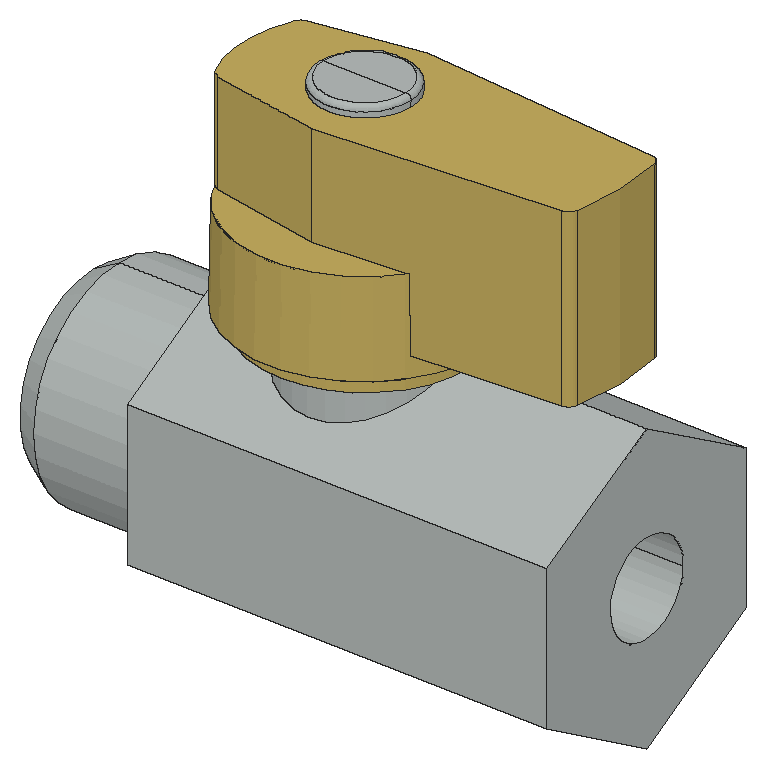
Revit family "QP00030000", category Apparecchi idraulici, Revit 2020
Family settings
  Quota connettore circolare = Usa diametro
  Tipo di parte = Normale
  Numero OmniClass = 23.45.00.00
  Titolo OmniClass = Sanitary, Laundry, and Cleaning Equipment
  Basato su piano di lavoro = No
  Sempre verticale = Sì
  Taglio con vuoti quando caricato = No
  Condiviso = No
  Punto di calcolo locali = No
Parameters
  URL = "https://web.cimberio.com/index.php/figura/838?subcategoria_id=95875"
  Temperatura di esercizio = "-20 ÷ 60°C"
  Prospetto di default = 0 mm
  Produttore = "CIMBERIO SPA"
  Pressione nominale = "MOP 5"
  Modello = "Cim 012G"
  Materiale = "Prodotto in lega di ottone conforme alla norma EN 12165-CW617N-DW"
  Descrizione = "Utilizzato nell’impiantistica distributiva di gas a bassa pressione per le categorie:\r\nGas naturali: gas derivati dal petrolio (Metano) e gas di ricambio.\r\nGas di città: prodotti secondo i diversi procedimenti (Cracking - Cokerie - ecc.).\r\nGas liquidi: propano e miscele di gas propano/butano"
  DN Model [instance] = QP00031015 : QP00031015
  DN [instance] = 9 mm
  Commenti sul tipo = "Realizzato in ottemperanza ai requisiti gestionali della norma EN ISO 9001.\r\nCollaudato al 100% secondo la normativa EN 12266-1"
Reference planes
  plane 1 "Centro (Fronte/Retro)": y = 0
  plane 2: z = 0
  plane 3 "Centro (Sinistra/Destra)": x = 0
Dimensions and locks
  aligned and locked: level to plane 2
Nested families
  nested 1: "QP00031015" at (0, 0, 0), type <- "DN Model", type "QP00031015"
  nested 2: "QP00031015" at (0, 0, 0), type <- "DN Model", type "QP00031015"
  nested 3: "QP00031015" at (0, 0, 0), type <- "DN Model", type "QP00031015"
Connectors
  piping at (25.75, 0, 0), diameter 9, driven by "DN"
    settings: on nested 1, index 1, connector inside diameter 609.6 mm, connector length 0 mm, flow factor 0, pipe flow 0.0 L/s, pressure drop 0.0 Pa, fitting loss kfactor 0, connector angle 0.00°, fixture units 0, engagement length 0 mm, angle of deflection 0.00°, flow configuration 0, flow direction 0, fitting loss method 0, system type 7, joint type 0, gender type 0, connector reference index -1, connector utility 0, adjustable connector no, is connector primary yes, connector description ""
  piping at (-28.25, 0, 0), diameter 9, driven by "DN"
    settings: on nested 1, index 2, connector inside diameter 609.6 mm, connector length 0 mm, flow factor 0, pipe flow 0.0 L/s, pressure drop 0.0 Pa, fitting loss kfactor 0, connector angle 0.00°, fixture units 0, engagement length 0 mm, angle of deflection 0.00°, flow configuration 0, flow direction 0, fitting loss method 0, system type 7, joint type 0, gender type 0, connector reference index -1, connector utility 0, adjustable connector no, is connector primary no, connector description ""
Definition of nested family "QP00031015"
  Parameters (values of type "QP00031015")
    URL = ""
    Default Elevation = 0 mm
    Manufacturer = ""
    Model = ""
    Description = ""
    Type Comments = ""
  Reference planes
    plane 1 "Centro (Fronte/Retro)": y = 0
    plane 2: z = 0
    plane 3 "Centro (Sinistra/Destra)": x = 0
  Forms (mm)
    Extrusion 1, solid
      sketch origin (0, 0, 0) x (0, 1, 0) y (0, 0, 1)
        loop
          circle (0, 0) r 4.5
        loop
          line (0, -14) -> (12.124, -7) -> (12.124, 7) -> (0, 14) -> (-12.124, 7) -> (-12.124, -7) -> (0, -14)
      from -15.25 to 25.75
    Revolve 2, solid
      sketch origin (-1.014, 0, 1.406) x (1, 0, 0) y (0, 0, 1)
        loop
          line (11.146, 13.716) -> (10.988, 22.789) -> (-0.448, 22.789) -> (-0.448, 11.85) -> (9.552, 11.85) -> (9.552, 12.795) -> (11.146, 13.716)
        axis (-0.754, 11.85) -> (-0.754, 22.789)
      angle from 0 to 360
    Revolve 3, solid
      sketch origin (-1.007, 0, 1.446) x (1, 0, 0) y (0, 0, 1)
        loop
          arc (3.746, 33.15) -> (3.6, 33.504) -> (3.246, 33.65) r 0.5
          line (3.246, 33.65) -> (-0.754, 33.65) -> (-0.754, 31.443) -> (3.746, 31.443) -> (3.746, 33.15)
        axis (-0.754, 33.65) -> (-0.754, 31.443)
      angle from 0 to 360
    Extrusion 4, solid
      sketch origin (0, 0, 1.45) x (1, 0, 0) y (0, 1, 0)
        loop
          line (-1.549, 7.359) -> (-11.81, 5.415)
          arc (-11.81, 5.415) -> (-12.325, 5.117) -> (-12.58, 4.578) r 1
          arc (-12.58, 4.578) -> (-13.506, -0.275) -> (-12.353, -5.08) r 11.742
          arc (-12.353, -5.08) -> (-12.061, -5.37) -> (-11.679, -5.523) r 1.029
          line (-11.679, -5.523) -> (-1.018, -7.438) -> (21.908, -5.5)
          arc (21.908, -5.5) -> (22.493, -5.247) -> (22.806, -4.691) r 1
          arc (22.806, -4.691) -> (23.25, 0) -> (22.806, 4.691) r 25
          arc (22.806, 4.691) -> (22.489, 5.25) -> (21.897, 5.501) r 1
          line (21.897, 5.501) -> (-1.549, 7.359)
      from 15.62 to 32.65
    Revolve 5, solid
      sketch origin (0, 0, 0) x (1, 0, 0) y (0, 0, 1)
        loop
          line (-0.754, 4.83) -> (7.416, 4.83) -> (7.416, 16.081) -> (-0.754, 16.081) -> (-0.754, 4.83)
        axis (-0.754, 16.081) -> (-0.754, 4.83)
      angle from 0 to 360
    Revolve 6, solid
      sketch origin (0, 0, 0) x (1, 0, 0) y (0, 0, 1)
        loop
          line (-15.25, 10.45) -> (-25.75, 10.45) -> (-28.25, 9.007) -> (-28.25, 4.5) -> (-15.25, 4.5) -> (-15.25, 10.45)
        axis (-28.25, 0) -> (-15.25, 0)
      angle from 0 to 360
  Dimensions and locks
    aligned and locked: level to plane 2
